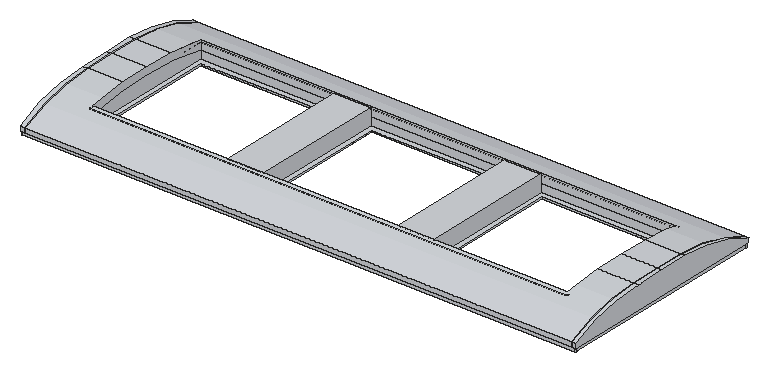
Revit family "Gira_021308", category Electrical Fixtures, host Face, Revit 2017
Family settings
  Host = Face
  Maintain Annotation Orientation = No
  Round Connector Dimension = Use Diameter
  Part Type = Normal
  Cut with Voids When Loaded = No
  Shared = No
  Room Calculation Point = No
Parameters (values of type "Cov.fr. 3-g interm.fr. AN Gira Event anthra.")
  With mounting grid = "No"
  With hinged lid = "No"
  URL = "http://katalog.gira.de/en/datenblatt.html?artikelnr=021308"
  Type of fastening = "Clamp mounting"
  Transparent = "No"
  Surface protection = "Other"
  Suitable for wall duct = "No"
  Suitable for flush-mounted installation = "Yes"
  Suitable for floor box = "No"
  Suitable for built-in installation = "No"
  Number of units vertical = "3"
  Number of units horizontal = "3"
  Number of units = "3"
  Name = "Cov.fr. 3-g interm.fr. AN Gira Event anthra."
  Mounting direction = "Horizontal and vertical"
  Material quality = "Thermoplastic"
  Material = "Plastic"
  Manufacturer URL = "https://www.gira.de/"
  Manufacturer = "Gira"
  Label space/information surface = "No"
  Keynote = ""
  HeinzeBIM = "https://bimportal.heinze.de/bim/cov-fr-3-g-interm-fr-an-gira-event-anthra-/b87d237dba92269e68021063f65fa8bda0648348"
  Halogen free = "Yes"
  HAN = "021308"
  GTIN = "4010337213086"
  Description = "Cov.fr.3g i.fr.AN Event AN,Gira Event frames,anthracite with anthracite intermediate frame,3-gang,Features:,- Shatter-proof."
  Degree of protection (IP) = "IP20"
  Default Elevation = 1219.2 mm
  Data sheet (1) = "https://katalog.gira.de/en/download.html?artikelnr=021308"
  Colour = "Anthracite"
  Category = "Cover frame for domestic switching devices"
  BIM (1) = "https://media.stage.bim.site/public/gira/36a6b08/Event_Rahmen_3fach.rfa"
  Available = "No"
Reference planes
  plane 1 "Center (Front/Back)": y = 0
  plane 2: z = 0
  plane 3 "Center (Left/Right)": x = 0
Forms (mm)
  Extrusion 1, solid, detail levels fine
    sketch origin (0, 0, 0.05) x (0, 1, 0) y (0, 0, 1)
      loop
        arc (12.445, 9.683) -> (6.223, 9.833) -> (0, 9.85) r 291.636
        arc (0, 9.85) -> (-6.223, 9.833) -> (-12.445, 9.683) r 291.636
        arc (-12.445, 9.683) -> (-29.14, 7.482) -> (-45, 1.823) r 79.728
        line (-45, 1.823) -> (-45, -0.05) -> (-42.086, -0.05)
        arc (-42.086, -0.05) -> (-21.385, 5.559) -> (0, 7.206) r 114.424
        arc (0, 7.206) -> (21.385, 5.559) -> (42.086, -0.05) r 114.424
        line (42.086, -0.05) -> (45, -0.05) -> (45, 1.823)
        arc (45, 1.823) -> (29.14, 7.482) -> (12.445, 9.683) r 79.728
    from -114.3 to 114.3
  Extrusion 2, void, detail levels fine
    sketch origin (0, 0, 0) x (1, 0, 0) y (0, 1, 0)
      loop
        line (-99.355, -28.053) -> (99.355, -28.053) -> (99.355, 28.053) -> (-99.355, 28.053) -> (-99.355, -28.053)
    from 0.724 to 11
  Extrusion 3, solid, detail levels coarse
    sketch origin (0, 0, 0) x (1, 0, 0) y (0, 1, 0)
      loop
        line (-116.3, 45) -> (-116.3, -45) -> (116.3, -45) -> (116.3, 45) -> (-116.3, 45)
    from -1.5 to 9.9
  Extrusion 4, solid, detail levels medium
    sketch origin (0, 0, 0.05) x (0, 1, 0) y (0, 0, 1)
      loop
        arc (12.445, 9.683) -> (6.223, 9.833) -> (0, 9.85) r 291.636
        arc (0, 9.85) -> (-6.223, 9.833) -> (-12.445, 9.683) r 291.636
        arc (-12.445, 9.683) -> (-29.14, 7.482) -> (-45, 1.823) r 79.728
        line (-45, 1.823) -> (-45, -0.05) -> (45, -0.05) -> (45, 1.823)
        arc (45, 1.823) -> (29.14, 7.482) -> (12.445, 9.683) r 79.728
    from -116.3 to 116.3
  Extrusion 5, solid, detail levels fine
    sketch origin (-71.3, 0, -1.5) x (0, 1, 0) y (0, 0, -1)
      loop
        line (45, -3.373) -> (45, -1.5) -> (-45, -1.5) -> (-45, -3.373)
        arc (-45, -3.373) -> (-29.14, -9.032) -> (-12.445, -11.233) r 79.728
        arc (-12.445, -11.233) -> (-6.223, -11.383) -> (0, -11.4) r 291.636
        arc (0, -11.4) -> (6.223, -11.383) -> (12.445, -11.233) r 291.636
        arc (12.445, -11.233) -> (29.14, -9.032) -> (45, -3.373) r 79.728
    from 43 to 45
  Extrusion 6, solid, detail levels fine
    sketch origin (0, 0, 0) x (1, 0, 0) y (0, 1, 0)
      loop
        line (-97.195, 25.7) -> (-97.195, -25.7) -> (-45.395, -25.7) -> (-45.395, 25.7) -> (-97.195, 25.7)
      loop
        line (25.9, -25.7) -> (25.9, 25.7) -> (-25.9, 25.7) -> (-25.9, -25.7) -> (25.9, -25.7)
      loop
        line (-100.19, 28.49) -> (-100.19, -28.495)
        spline (-100.19, -28.495) -> (-100.181, -28.625) -> (-100.156, -28.754) -> (-100.113, -28.878) -> (-100.056, -28.995) -> (-99.983, -29.104) -> (-99.897, -29.202) -> (-99.798, -29.288) -> (-99.69, -29.361) -> (-99.572, -29.419) -> (-99.448, -29.461) -> (-99.32, -29.486) -> (-99.19, -29.495)
        line (-99.19, -29.495) -> (99.195, -29.495)
        spline (99.195, -29.495) -> (99.325, -29.486) -> (99.454, -29.461) -> (99.578, -29.419) -> (99.695, -29.361) -> (99.804, -29.288) -> (99.902, -29.202) -> (99.988, -29.104) -> (100.061, -28.995) -> (100.119, -28.878) -> (100.161, -28.754) -> (100.186, -28.625) -> (100.195, -28.495)
        line (100.195, -28.495) -> (100.195, 28.49)
        spline (100.195, 28.49) -> (100.186, 28.62) -> (100.161, 28.748) -> (100.119, 28.872) -> (100.061, 28.99) -> (99.988, 29.098) -> (99.902, 29.197) -> (99.804, 29.283) -> (99.695, 29.356) -> (99.578, 29.413) -> (99.454, 29.456) -> (99.325, 29.481) -> (99.195, 29.49)
        line (99.195, 29.49) -> (-99.19, 29.49)
        spline (-99.19, 29.49) -> (-99.32, 29.481) -> (-99.448, 29.456) -> (-99.572, 29.413) -> (-99.69, 29.356) -> (-99.798, 29.283) -> (-99.897, 29.197) -> (-99.983, 29.098) -> (-100.056, 28.99) -> (-100.113, 28.872) -> (-100.156, 28.748) -> (-100.181, 28.62) -> (-100.19, 28.49)
      loop
        line (97.2, -25.7) -> (97.2, 25.7) -> (45.4, 25.7) -> (45.4, -25.7) -> (97.2, -25.7)
    from 0.1 to 7.3
  Extrusion 7, solid
    sketch origin (0, 0, 0) x (1, 0, 0) y (0, 1, 0)
      loop
        arc (-116, -44.2) -> (-115.854, -44.554) -> (-115.5, -44.7) r 0.5
        line (-115.5, -44.7) -> (115.5, -44.7)
        arc (115.5, -44.7) -> (115.854, -44.554) -> (116, -44.2) r 0.5
        line (116, -44.2) -> (116, 44.2)
        arc (116, 44.2) -> (115.854, 44.554) -> (115.5, 44.7) r 0.5
        line (115.5, 44.7) -> (-115.5, 44.7)
        arc (-115.5, 44.7) -> (-115.854, 44.554) -> (-116, 44.2) r 0.5
        line (-116, 44.2) -> (-116, -44.2)
      loop
        line (-114.3, 43) -> (-114.3, -43) -> (114.3, -43) -> (114.3, 43) -> (-114.3, 43)
    from -1.5 to 0.5
  Extrusion 8, solid, detail levels fine
    sketch origin (71.3, 0, -1.5) x (0, 1, 0) y (0, 0, 1)
      loop
        arc (45, 3.373) -> (29.14, 9.032) -> (12.445, 11.233) r 79.728
        arc (12.445, 11.233) -> (6.223, 11.383) -> (0, 11.4) r 291.636
        arc (0, 11.4) -> (-6.223, 11.383) -> (-12.445, 11.233) r 291.636
        arc (-12.445, 11.233) -> (-29.14, 9.032) -> (-45, 3.373) r 79.728
        line (-45, 3.373) -> (-45, 1.5) -> (45, 1.5) -> (45, 3.373)
    from 43 to 45
  Extrusion 9, solid, detail levels medium
    sketch origin (0, 0, 0) x (1, 0, 0) y (0, 1, 0)
      loop
        line (-116, -44.7) -> (116, -44.7) -> (116, 44.7) -> (-116, 44.7) -> (-116, -44.7)
    from -1.5 to 0.5
  Extrusion 10, solid, detail levels fine
    sketch origin (-34.207, 0, 0) x (1, 0, 0) y (0, 1, 0)
      loop
        line (-8.943, 28.063) -> (-8.943, -27.937) -> (6.057, -27.937) -> (6.057, 28.063) -> (-8.943, 28.063)
    from 0.724 to 7.566
  Extrusion 11, solid, detail levels fine
    sketch origin (34.207, 0, 0) x (-1, 0, 0) y (0, -1, 0)
      loop
        line (-8.943, -28.063) -> (6.057, -28.063) -> (6.057, 27.937) -> (-8.943, 27.937) -> (-8.943, -28.063)
    from 0.724 to 7.566
Cuts and joins
  Extrusion 2 cuts Extrusion 1
  Extrusion 2 cuts Extrusion 6
Dimensions and locks
  aligned and locked: plane 2 to host face
  aligned and locked: level to host face
